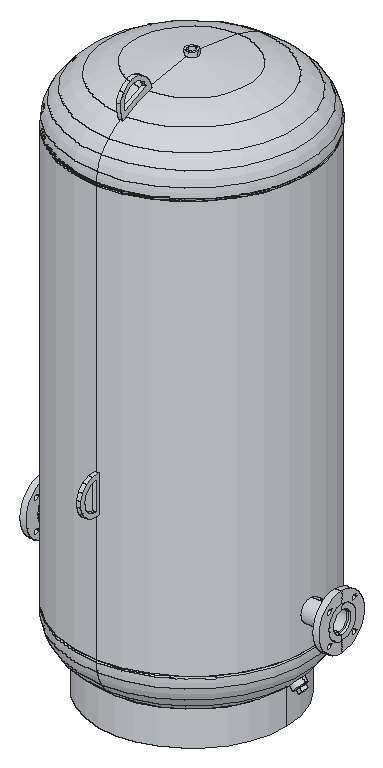
Revit family "CBT-200-2.5", category Generic Models, Revit 2014
Parameters (values of type "CBT-200-2.5")
  URL = "http://westank.com/"
  Tank Volume = 200.00 gal
  Part Number = 555300200
  Model = "CBT-200-2.5"
  Maximum Shipping Weight = 555 lbf
  Flange Connector Diameter = 2 1/2"
  Description = "Wessels ASME Chilled Water Buffer Tanks (CBT) are designed for chilled water systems with insufficient water volume capacity in relation to the chiller capacity."
  D = 14 1/4"
  C = 24"
  B = 72"
  A = 30"
Reference planes (in)
  plane 1 "Center (Front/Back)": y = 0
  plane 2: z = 0
  plane 3 "Center (Left/Right)": x = 0
  plane 4: through (12.55282, -180, 5.24135) normal (0.8192, 0, -0.5736)
  plane 5: x = -15
  plane 6: x = 15
  plane 7: z = 0
  plane 8: z = 72
  plane 9: y = 15
  plane 10: y = -15
  plane 11: x = -12
  plane 12: x = 12
  plane 13: z = 14.25
Forms (in)
  Revolve 1, solid
    sketch origin (0, -0.02461, 0) x (0, 1, 0) y (0, 0, 1)
      loop
        line (-14.97539, 9.87397) -> (-14.812, 9.87397)
        arc (-14.812, 9.87397) -> (-14.83596, 9.78454) -> (-14.90143, 9.71907) r 0.17887
        arc (-14.90143, 9.71907) -> (-14.94991, 9.64836) -> (-14.97579, 9.56662) r 0.29232
        arc (-14.97579, 9.56662) -> (-14.96586, 8.98455) -> (-14.89468, 8.40676) r 5.51955
        arc (-14.89468, 8.40676) -> (-14.65184, 7.56116) -> (-14.23912, 6.78419) r 4.22443
        arc (-14.23912, 6.78419) -> (-13.71208, 6.0842) -> (-13.11424, 5.44361) r 8.30764
        arc (-13.11424, 5.44361) -> (-11.99363, 4.5369) -> (-10.73315, 3.83755) r 8.30764
        arc (-10.73315, 3.83755) -> (-9.02248, 3.06195) -> (-7.23223, 2.49367) r 15.88746
        arc (-7.23223, 2.49367) -> (-3.63165, 1.79117) -> (0.02461, 1.49214) r 33.04234
        line (0.02461, 1.49214) -> (0.02461, 1.66407)
        arc (0.02461, 1.66407) -> (-3.61037, 1.96174) -> (-7.19, 2.66027) r 32.87047
        arc (-7.19, 2.66027) -> (-8.96351, 3.22342) -> (-10.65802, 3.99223) r 15.71558
        arc (-10.65802, 3.99223) -> (-11.8952, 4.67783) -> (-12.99495, 5.56734) r 8.13577
        arc (-12.99495, 5.56734) -> (-13.58042, 6.19468) -> (-14.09655, 6.88019) r 8.13577
        arc (-14.09655, 6.88019) -> (-14.49248, 7.62554) -> (-14.72544, 8.43674) r 4.05256
        arc (-14.72544, 8.43674) -> (-14.79395, 8.9901) -> (-14.80447, 9.54759) r 5.34767
        arc (-14.80447, 9.54759) -> (-14.7971, 9.56945) -> (-14.78569, 9.5895) r 0.12044
        arc (-14.78569, 9.5895) -> (-14.67439, 9.72277) -> (-14.64064, 9.89308) r 0.35074
        line (-14.64064, 9.89308) -> (-14.84715, 9.89308) -> (-14.84715, 63.61189) -> (-14.64151, 63.61189)
        arc (-14.64151, 63.61189) -> (-14.67184, 63.78882) -> (-14.78573, 63.92758) r 0.35074
        arc (-14.78573, 63.92758) -> (-14.79712, 63.94763) -> (-14.80449, 63.96948) r 0.12045
        arc (-14.80449, 63.96948) -> (-14.79397, 64.52697) -> (-14.72546, 65.08033) r 5.34768
        arc (-14.72546, 65.08033) -> (-14.4925, 65.89153) -> (-14.09657, 66.63689) r 4.05257
        arc (-14.09657, 66.63689) -> (-13.58043, 67.3224) -> (-12.99497, 67.94973) r 8.13578
        arc (-12.99497, 67.94973) -> (-11.89524, 68.83924) -> (-10.65807, 69.52483) r 8.13578
        arc (-10.65807, 69.52483) -> (-8.96355, 70.29364) -> (-7.19005, 70.85678) r 15.71558
        arc (-7.19005, 70.85678) -> (-3.61055, 71.55529) -> (0.02429, 71.85297) r 32.87045
        line (0.02429, 71.85297) -> (0.02429, 72.02671)
        arc (0.02429, 72.02671) -> (-3.63245, 71.72766) -> (-7.2335, 71.02507) r 33.04334
        arc (-7.2335, 71.02507) -> (-9.02402, 70.45667) -> (-10.73493, 69.68092) r 15.88853
        arc (-10.73493, 69.68092) -> (-11.99625, 68.98117) -> (-13.11754, 68.07383) r 8.30893
        arc (-13.11754, 68.07383) -> (-13.7162, 67.43239) -> (-14.24389, 66.7314) r 8.30923
        arc (-14.24389, 66.7314) -> (-14.65697, 65.95395) -> (-14.90005, 65.1078) r 4.22701
        arc (-14.90005, 65.1078) -> (-14.97148, 64.52727) -> (-14.98111, 63.94244) r 5.52257
        arc (-14.98111, 63.94244) -> (-14.95423, 63.85606) -> (-14.90267, 63.78173) r 0.29803
        arc (-14.90267, 63.78173) -> (-14.837, 63.7147) -> (-14.81302, 63.62397) r 0.18362
        line (-14.81302, 63.62397) -> (-14.97539, 63.62397) -> (-14.97539, 9.87397)
      axis (0.02461, 1.49214) -> (0.02461, 72.02671)
    angle from 0 to 360
  Revolve 2, solid
    sketch origin (0, 0, -0.00013) x (-1, 0, 0) y (0, 0, 1)
      loop
        line (17.875, 12.8128) -> (17.875, 12.46883) -> (18.125, 12.46883) -> (18.125, 10.75084) -> (18.9375, 10.75084) -> (18.9375, 12.18553) -> (19, 12.18553) -> (19, 12.8128) -> (17.875, 12.8128)
      axis (19, 14.25013) -> (17.875, 14.25013)
    angle from 0 to 360
  Revolve 3, solid
    sketch origin (-1.82085, 0, 2.88409) x (0.981353, 0, -0.192215) y (0.192215, 0, 0.981353)
      loop
        line (14.71753, 6.11956) -> (14.66586, 6.1556) -> (14.25436, 5.56561) -> (14.86992, 5.13627) -> (15.24588, 5.6753) -> (15.19462, 5.71106) -> (15.31904, 5.88945) -> (14.80641, 6.24699) -> (14.71753, 6.11956)
      axis (14.25436, 5.56561) -> (14.86992, 5.13627)
    angle from 0 to 360
  Extrusion 4, solid
    sketch origin (13.38203, -180, 6.13049) x (0.718765, 0, 0.695254) y (0, -1, 0)
      loop
        line (-0.16036, -179.52645) -> (-0.95521, -179.68698) -> (-0.79485, -180.48095) -> (0, -180.32042) -> (-0.16036, -179.52645)
    from 1.02698 to 1.52678
  Extrusion 5, solid
    sketch origin (0, -2.93535, 4.97257) x (0, 1, 0) y (0, 0, 1)
      loop
        line (-11.93439, 21.33067) -> (-11.93439, 26.202)
        arc (-11.93439, 26.202) -> (-12.47846, 26.15164) -> (-13.01533, 26.05008) r 5.77422
        arc (-13.01533, 26.05008) -> (-13.49297, 25.89754) -> (-13.94252, 25.67548) r 3.35288
        arc (-13.94252, 25.67548) -> (-14.34081, 25.36666) -> (-14.64962, 24.96837) r 2.0073
        arc (-14.64962, 24.96837) -> (-14.80343, 24.58932) -> (-14.88788, 24.18906) r 2.30742
        arc (-14.88788, 24.18906) -> (-14.91277, 23.77188) -> (-14.88788, 23.3547) r 3.50846
        arc (-14.88788, 23.3547) -> (-14.79412, 22.92876) -> (-14.61961, 22.52904) r 2.24053
        arc (-14.61961, 22.52904) -> (-14.27401, 22.08806) -> (-13.80999, 21.77406) r 1.8078
        arc (-13.80999, 21.77406) -> (-13.34321, 21.55591) -> (-12.84107, 21.44044) r 2.44481
        arc (-12.84107, 21.44044) -> (-12.39043, 21.36326) -> (-11.93439, 21.33067) r 4.65484
      loop
        arc (-12.44611, 25.63929) -> (-12.67227, 25.60073) -> (-12.89654, 25.55235) r 5.2625
        arc (-12.89654, 25.55235) -> (-13.30128, 25.42308) -> (-13.68221, 25.23491) r 2.84116
        arc (-13.68221, 25.23491) -> (-13.97364, 25.01013) -> (-14.20134, 24.72098) r 1.49558
        arc (-14.20134, 24.72098) -> (-14.3163, 24.43235) -> (-14.37979, 24.12821) r 1.7957
        arc (-14.37979, 24.12821) -> (-14.40106, 23.77188) -> (-14.37979, 23.41555) r 2.99674
        arc (-14.37979, 23.41555) -> (-14.30745, 23.08689) -> (-14.17279, 22.77846) r 1.72881
        arc (-14.17279, 22.77846) -> (-13.91552, 22.45353) -> (-13.56884, 22.22643) r 1.29608
        arc (-13.56884, 22.22643) -> (-13.1779, 22.0402) -> (-12.75531, 21.94566) r 1.9331
        arc (-12.75531, 21.94566) -> (-12.60126, 21.91347) -> (-12.44611, 21.88716) r 4.14312
        line (-12.44611, 21.88716) -> (-12.44611, 25.63929)
    from -0.24366 to 0.25634
  Extrusion 6, solid
    sketch origin (0, -26.96034, 51.14612) x (0, 0.366501, -0.930418) y (0, 0.930418, 0.366501)
      loop
        arc (-11.9298, 25.67102) -> (-12.15596, 25.63246) -> (-12.38023, 25.58408) r 5.2625
        arc (-12.38023, 25.58408) -> (-12.78497, 25.45482) -> (-13.16591, 25.26664) r 2.84116
        arc (-13.16591, 25.26664) -> (-13.45733, 25.04186) -> (-13.68503, 24.75271) r 1.49558
        arc (-13.68503, 24.75271) -> (-13.8, 24.46408) -> (-13.86349, 24.15994) r 1.7957
        arc (-13.86349, 24.15994) -> (-13.88475, 23.80361) -> (-13.86349, 23.44728) r 2.99674
        arc (-13.86349, 23.44728) -> (-13.79114, 23.11862) -> (-13.65649, 22.81019) r 1.72881
        arc (-13.65649, 22.81019) -> (-13.39922, 22.48527) -> (-13.05253, 22.25816) r 1.29608
        arc (-13.05253, 22.25816) -> (-12.66159, 22.07193) -> (-12.239, 21.97739) r 1.9331
        arc (-12.239, 21.97739) -> (-12.08496, 21.94521) -> (-11.9298, 21.91889) r 4.14312
        line (-11.9298, 21.91889) -> (-11.9298, 25.67102)
      loop
        line (-10.9298, 21.34797) -> (-10.9298, 26.14148)
        arc (-10.9298, 26.14148) -> (-11.99706, 26.18465) -> (-13.02719, 25.90227) r 3.48194
        arc (-13.02719, 25.90227) -> (-13.54727, 25.6041) -> (-13.99851, 25.20943) r 3.03185
        arc (-13.99851, 25.20943) -> (-14.28248, 24.55653) -> (-14.39992, 23.8543) r 2.91879
        arc (-14.39992, 23.8543) -> (-14.3348, 23.1787) -> (-14.08611, 22.54717) r 2.44012
        arc (-14.08611, 22.54717) -> (-13.716, 22.08641) -> (-13.21844, 21.76749) r 1.83162
        arc (-13.21844, 21.76749) -> (-12.09799, 21.42749) -> (-10.9298, 21.34797) r 5.1769
    from -0.24366 to 0.25634
  Extrusion 7, solid
    sketch origin (0, 0, 0) x (1, 0, 0) y (0, 1, 0)
      loop
        circle (0, 0) r 0.75
      loop
        circle (0, 0) r 0.5
    from 71.36613 to 72.49354
  Extrusion 8, void
    sketch origin (0, 0.13917, 0.41738) x (0, 1, 0) y (0, 0, -1)
      loop
        circle (1.8034, -15.77799) r 0.37532
      loop
        circle (1.8034, -11.89562) r 0.37532
      loop
        circle (-2.08174, -15.77799) r 0.37532
      loop
        circle (-2.08174, -11.89562) r 0.37532
    from 15.80097 to 20.25
  Extrusion 9, void
    sketch origin (0, 0, 0) x (1, 0, 0) y (0, 1, 0)
      loop
        circle (0, 0) r 0.5
    from 70.90268 to 73.75579
  Revolve 10, solid
    sketch origin (0, 0, 0) x (1, 0, 0) y (0, 0, 1)
      loop
        line (11.87609, 4.44941) -> (11.87609, 0) -> (12, 0) -> (12, 4.44941) -> (11.87609, 4.44941)
      axis (0, 4.44941) -> (0, 0)
    angle from 0 to 360
  Revolve 11, solid
    sketch origin (0, 0, -0.00013) x (1, 0, 0) y (0, 0, 1)
      loop
        line (-13.64801, 13.0156) -> (-18.625, 13.0156) -> (-18.625, 12.81248) -> (-13.64801, 12.81248) -> (-13.64801, 13.0156)
      axis (-18.625, 14.25013) -> (-13.64801, 14.25013)
    angle from 0 to 360
  Extrusion 12, void
    sketch origin (0, 0, 0.25) x (0, 1, 0) y (0, 0, 1)
      loop
        circle (0, 14) r 1.23453
    from -18.86806 to 18.76515
  Revolve 13, solid
    sketch origin (0, 0, -0.00013) x (1, 0, 0) y (0, 0, 1)
      loop
        line (17.875, 12.80958) -> (17.875, 12.46883) -> (18.125, 12.46883) -> (18.125, 10.75084) -> (18.9375, 10.75084) -> (18.9375, 12.18553) -> (19, 12.18553) -> (19, 12.80958) -> (17.875, 12.80958)
      axis (19, 14.25013) -> (17.875, 14.25013)
    angle from 0 to 360
  Extrusion 14, void
    sketch origin (0, 0.13917, 0.41738) x (0, 1, 0) y (0, 0, 1)
      loop
        circle (1.8034, 15.77799) r 0.37532
      loop
        circle (1.8034, 11.89562) r 0.37532
      loop
        circle (-2.08174, 15.77799) r 0.37532
      loop
        circle (-2.08174, 11.89562) r 0.37532
    from 15.80097 to 19.5
  Revolve 15, solid
    sketch origin (0, 0, -0.00013) x (-1, 0, 0) y (0, 0, 1)
      loop
        line (-13.64801, 13.0156) -> (-18.625, 13.0156) -> (-18.625, 12.81248) -> (-13.64801, 12.81248) -> (-13.64801, 13.0156)
      axis (-18.625, 14.25013) -> (-13.64801, 14.25013)
    angle from 0 to 360
Cuts and joins
  joined: Extrusion 4, Extrusion 5, Extrusion 6, Extrusion 7
  Extrusion 8, Extrusion 14 cuts Revolve 2
  Extrusion 14 cuts Revolve 13
  Extrusion 9, Extrusion 12 cuts Revolve 1
Dimensions and locks (in)
  equal spacing: plane 6, plane 3 "Center (Left/Right)", plane 5
  "A": plane 6 to plane 5
  "B": plane 8 to level
  equal spacing: plane 9, plane 1 "Center (Front/Back)", plane 10
  "A": plane 9 to plane 10
  equal spacing: plane 12, plane 3 "Center (Left/Right)", plane 11
  "C": plane 12 to plane 11
  "D": plane 13 to level
  aligned and locked: plane 2 to level
  aligned and locked: Revolve 10 sketch curve to plane 3 "Center (Left/Right)"
Automatic sketch dimensions
  Revolve 1 sketch curve to Revolve 1 sketch curve = 0"  (x39)
  Revolve 1 sketch curve to plane 10 = 0"
  Revolve 1 sketch curve to plane 1 "Center (Front/Back)" = 0"  (x2)
  Revolve 1 sketch curve to Revolve 1 sketch curve = 0.01547"
  plane 10 to Revolve 1 sketch curve = 0.01547"
  Revolve 1 sketch curve to Revolve 1 sketch curve = 0.00578"
  Revolve 1 sketch curve to plane 10 = 0.12824"
  Revolve 1 sketch curve to Revolve 1 sketch curve = 0.03413"
  Revolve 1 sketch curve to Revolve 1 sketch curve = 9/256"
  Revolve 1 sketch curve to plane 10 = 0.28821"
  Revolve 1 sketch curve to plane 10 = 0.28822"
  Revolve 1 sketch curve to Revolve 1 sketch curve = 0.00078"
  Revolve 1 sketch curve to Revolve 1 sketch curve = 0.17151"
  Revolve 1 sketch curve to Revolve 1 sketch curve = 0.17135"
  Revolve 1 sketch curve to Revolve 1 sketch curve = 3.94929"
  Revolve 1 sketch curve to Revolve 1 sketch curve = 0.00287"
  Revolve 1 sketch curve to Revolve 1 sketch curve = 3.95216"
  Revolve 1 sketch curve to Revolve 1 sketch curve = 1.2728"
  Revolve 1 sketch curve to Revolve 1 sketch curve = 0.00246"
  Revolve 1 sketch curve to Revolve 1 sketch curve = 1.27526"
  Revolve 1 sketch curve to Revolve 1 sketch curve = 2.11145"
  Revolve 1 sketch curve to Revolve 1 sketch curve = 0.00084"
  Revolve 1 sketch curve to Revolve 1 sketch curve = 0.00187"
  Revolve 1 sketch curve to Revolve 1 sketch curve = 2.11171"
  plane 1 "Center (Front/Back)" to Revolve 1 sketch curve = 3.35442"
  Revolve 1 sketch curve to Revolve 1 sketch curve = 0.00082"
  plane 1 "Center (Front/Back)" to Revolve 1 sketch curve = 3.35353"
  plane 1 "Center (Front/Back)" to Revolve 1 sketch curve = 0.00031"
  Revolve 1 sketch curve to plane 1 "Center (Front/Back)" = 0.86039"
  Revolve 1 sketch curve to Revolve 1 sketch curve = 0.00067"
  Revolve 1 sketch curve to plane 1 "Center (Front/Back)" = 0.86116"
  level to Revolve 1 sketch curve = 1.49214"
  Revolve 1 sketch curve to Revolve 1 sketch curve = 0.17193"
  Revolve 1 sketch curve to Revolve 1 sketch curve = 0.22592"
  Revolve 1 sketch curve to Revolve 1 sketch curve = 0.37656"
  Revolve 1 sketch curve to Revolve 1 sketch curve = 0.35376"
  Revolve 1 sketch curve to Revolve 1 sketch curve = 0.01911"  (x2)
  Revolve 1 sketch curve to Revolve 1 sketch curve = 16.62909"
  Revolve 1 sketch curve to Revolve 1 sketch curve = 4.47055"
  Revolve 1 sketch curve to Revolve 1 sketch curve = 0.00077"
  Revolve 1 sketch curve to plane 8 = 16.37712"
  Revolve 1 sketch curve to Revolve 1 sketch curve = 0.00068"
  Revolve 1 sketch curve to Revolve 1 sketch curve = 6.46799"
  Revolve 1 sketch curve to Revolve 1 sketch curve = 0.00123"
  Revolve 1 sketch curve to Revolve 1 sketch curve = 0.00005"
  Revolve 1 sketch curve to Revolve 1 sketch curve = 1.52034"
  Revolve 1 sketch curve to Revolve 1 sketch curve = 0.01209"
  Revolve 1 sketch curve to Revolve 1 sketch curve = 0.3749"
  Revolve 1 sketch curve to Revolve 1 sketch curve = 0.01007"
  Revolve 1 sketch curve to Revolve 1 sketch curve = 2.05124"
  Revolve 1 sketch curve to Revolve 1 sketch curve = 0.00348"
  Revolve 1 sketch curve to Revolve 1 sketch curve = 0.2261"
  Revolve 1 sketch curve to Revolve 1 sketch curve = 0.0033"
  Revolve 1 sketch curve to plane 8 = 0.14703"
  plane 8 to Revolve 1 sketch curve = 0.02671"
  plane 10 to Revolve 1 sketch curve = 0.0004"
  plane 10 to Revolve 1 sketch curve = 0.00572"
  Revolve 1 sketch curve to plane 10 = 0.07272"
  Revolve 1 sketch curve to plane 10 = 0.07396"
  Revolve 1 sketch curve to Revolve 1 sketch curve = 0.11808"
  Revolve 1 sketch curve to Revolve 1 sketch curve = 0.11729"
  Revolve 1 sketch curve to Revolve 1 sketch curve = 0.01876"
  Revolve 1 sketch curve to Revolve 1 sketch curve = 0.01878"
  Revolve 1 sketch curve to Revolve 1 sketch curve = 0.14732"
  Revolve 1 sketch curve to Revolve 1 sketch curve = 0.97903"
  Revolve 1 sketch curve to Revolve 1 sketch curve = 0.98231"
  Revolve 1 sketch curve to Revolve 1 sketch curve = 0.12257"
  Revolve 1 sketch curve to Revolve 1 sketch curve = 0.1193"
  Revolve 1 sketch curve to plane 8 = 2.31908"
  Revolve 1 sketch curve to Revolve 1 sketch curve = 2.26179"
  Revolve 1 sketch curve to Revolve 1 sketch curve = 0.07686"
  Revolve 1 sketch curve to Revolve 1 sketch curve = 0.07513"
  Revolve 1 sketch curve to Revolve 1 sketch curve = 5.63017"
  Revolve 1 sketch curve to Revolve 1 sketch curve = 1.88017"
  Extrusion 5 sketch curve to Extrusion 5 sketch curve = 0"  (x33)
  plane 10 to Extrusion 5 sketch curve = 0.97644"
  Extrusion 5 sketch curve to Extrusion 5 sketch curve = 0.11966"
  Extrusion 5 sketch curve to Extrusion 5 sketch curve = 0.25819"
  Extrusion 5 sketch curve to Extrusion 5 sketch curve = 17/256"
  Extrusion 5 sketch curve to Extrusion 5 sketch curve = 0.04958"
  plane 10 to Extrusion 5 sketch curve = 0.38146"
  plane 10 to Extrusion 5 sketch curve = 0.17231"
  Extrusion 5 sketch curve to plane 10 = 0.13026"
  Extrusion 5 sketch curve to plane 10 = 0.23364"
  Extrusion 5 sketch curve to plane 10 = 0.38981"
  Extrusion 5 sketch curve to plane 10 = 0.66033"
  Extrusion 5 sketch curve to Extrusion 5 sketch curve = 0.89706"
  Extrusion 5 sketch curve to Extrusion 5 sketch curve = 0.55648"
  Extrusion 5 sketch curve to Extrusion 5 sketch curve = 0.90165"
  Extrusion 5 sketch curve to Extrusion 5 sketch curve = 0.62139"
  Extrusion 5 sketch curve to Extrusion 5 sketch curve = 27/128"
  Extrusion 5 sketch curve to Extrusion 5 sketch curve = 0.15076"
  Extrusion 5 sketch curve to Extrusion 5 sketch curve = 0.24641"
  Extrusion 5 sketch curve to Extrusion 5 sketch curve = 0.04716"
  Extrusion 5 sketch curve to Extrusion 5 sketch curve = 0.0326"
  Extrusion 5 sketch curve to Extrusion 5 sketch curve = 1.7246"
  Extrusion 5 sketch curve to Extrusion 5 sketch curve = 0.34507"
  Extrusion 5 sketch curve to Extrusion 5 sketch curve = 0.21764"
  Extrusion 5 sketch curve to Extrusion 5 sketch curve = 1.12273"
  Extrusion 5 sketch curve to Extrusion 5 sketch curve = 0.78568"
  Extrusion 5 sketch curve to Extrusion 5 sketch curve = 0.24115"
  Extrusion 5 sketch curve to Extrusion 5 sketch curve = 0.2603"
  Extrusion 5 sketch curve to Extrusion 5 sketch curve = 0.60395"
  Extrusion 5 sketch curve to Extrusion 5 sketch curve = 0.51913"
  Extrusion 5 sketch curve to Extrusion 5 sketch curve = 0.44682"
  Extrusion 5 sketch curve to Extrusion 5 sketch curve = 0.44829"
  Extrusion 7 sketch curve to Extrusion 7 sketch curve = 0"  (x2)
  plane 1 "Center (Front/Back)" to Extrusion 7 sketch curve = 0"
  Extrusion 7 sketch curve to plane 3 "Center (Left/Right)" = 0"
  plane 1 "Center (Front/Back)" to Extrusion 8 sketch curve = 1.94257"  (x2)
  Extrusion 8 sketch curve to plane 1 "Center (Front/Back)" = 1.94257"  (x2)
  Extrusion 9 sketch curve to Extrusion 9 sketch curve = 0"  (x2)
  plane 1 "Center (Front/Back)" to Extrusion 9 sketch curve = 0"
  Extrusion 9 sketch curve to plane 3 "Center (Left/Right)" = 0"
  Extrusion 9 sketch curve to plane 3 "Center (Left/Right)" = 1/2"
  Revolve 10 sketch curve to level = 0"
  Revolve 10 sketch curve to plane 6 = 3.12391"
  Revolve 10 sketch curve to Revolve 10 sketch curve = 0.12391"
  level to Revolve 10 sketch curve = 4.44941"
  level to Revolve 10 sketch curve = 4.69941"
  Revolve 10 sketch curve to Revolve 10 sketch curve = 1"
  Revolve 11 sketch curve to plane 5 = 3 5/8"
  plane 5 to Revolve 11 sketch curve = 1.35199"
  Revolve 11 sketch curve to Revolve 11 sketch curve = 13/64"
  plane 5 to Revolve 11 sketch curve = 0.51485"
  Revolve 11 sketch curve to Revolve 11 sketch curve = 0.36015"
  plane 1 "Center (Front/Back)" to Extrusion 14 sketch curve = 1.94257"  (x2)
  Extrusion 14 sketch curve to plane 1 "Center (Front/Back)" = 1.94257"  (x2)
  Revolve 15 sketch curve to plane 6 = 3 5/8"
  plane 6 to Revolve 15 sketch curve = 1.35199"
  Revolve 15 sketch curve to Revolve 15 sketch curve = 13/64"
  plane 6 to Revolve 15 sketch curve = 0.51485"
  Revolve 15 sketch curve to Revolve 15 sketch curve = 0.36015"
  plane 4 to Revolve 3 sketch curve = 0.35169"
  Revolve 3 sketch curve to plane 6 = 1.7625"
  Revolve 3 sketch curve to Revolve 3 sketch curve = 0.4115"
  Revolve 3 sketch curve to Revolve 3 sketch curve = 0.05167"
  Revolve 3 sketch curve to Revolve 3 sketch curve = 0.08888"
  Revolve 3 sketch curve to Revolve 3 sketch curve = 0.61556"
  Revolve 3 sketch curve to Revolve 3 sketch curve = 0.47709"
  Revolve 3 sketch curve to Revolve 3 sketch curve = 0.05126"
  Revolve 3 sketch curve to Revolve 3 sketch curve = 0.42934"
  Revolve 3 sketch curve to Revolve 3 sketch curve = 0.12768"
  Revolve 3 sketch curve to Revolve 3 sketch curve = 0"  (x2)
  Revolve 3 sketch curve to Revolve 3 sketch curve = 0.08905"
  plane 1 "Center (Front/Back)" to Extrusion 4 sketch curve = 0.31302"
  Extrusion 4 sketch curve to plane 1 "Center (Front/Back)" = 0.48095"
  Extrusion 4 sketch curve to Extrusion 4 sketch curve = 0.16036"  (x2)
  plane 1 "Center (Front/Back)" to Extrusion 4 sketch curve = 0.47355"
  Extrusion 4 sketch curve to Extrusion 4 sketch curve = 0.79485"
  Extrusion 4 sketch curve to plane 1 "Center (Front/Back)" = 0.32042"
  plane 6 to Revolve 13 sketch curve = 2 7/8"
  Revolve 13 sketch curve to Revolve 13 sketch curve = 1/4"
  Revolve 13 sketch curve to Revolve 13 sketch curve = 13/16"
  Revolve 13 sketch curve to Revolve 13 sketch curve = 1/16"
  Revolve 13 sketch curve to Revolve 13 sketch curve = 0.34075"
  Revolve 13 sketch curve to Revolve 13 sketch curve = 0.62405"
  Revolve 13 sketch curve to Revolve 13 sketch curve = 1.43469"
  Revolve 13 sketch curve to plane 6 = 0.66921"
  Revolve 13 sketch curve to Revolve 13 sketch curve = 0.68278"
  plane 5 to Revolve 2 sketch curve = 2 7/8"
  Revolve 2 sketch curve to Revolve 2 sketch curve = 1/4"
  Revolve 2 sketch curve to Revolve 2 sketch curve = 13/16"
  Revolve 2 sketch curve to Revolve 2 sketch curve = 1/16"
  Revolve 2 sketch curve to Revolve 2 sketch curve = 0.34397"
  Revolve 2 sketch curve to Revolve 2 sketch curve = 0.62726"
  Revolve 2 sketch curve to Revolve 2 sketch curve = 1.43469"
  Revolve 2 sketch curve to plane 5 = 0.66921"
  Revolve 2 sketch curve to Revolve 2 sketch curve = 0.68278"
  Extrusion 12 sketch curve to plane 1 "Center (Front/Back)" = 0"
  Extrusion 12 sketch curve to Extrusion 12 sketch curve = 1.23453"
  level to Revolve 1 sketch curve = 9.14366"
  Revolve 1 sketch curve to Revolve 1 sketch curve = 2 7/128"
  Revolve 1 sketch curve to Revolve 1 sketch curve = 6.46992"
  Revolve 2 sketch curve to level = 10.75071"
  Revolve 2 sketch curve to Revolve 2 sketch curve = 1.43733"
  level to Extrusion 5 sketch curve = 25.40619"
  level to Extrusion 8 sketch curve = 16.19537"
  Extrusion 8 sketch curve to Extrusion 8 sketch curve = 0"
  Extrusion 8 sketch curve to Extrusion 8 sketch curve = 3.88237"  (x2)
  level to Revolve 11 sketch curve = 12.81234"
  Revolve 11 sketch curve to Revolve 11 sketch curve = 1.23453"
  Extrusion 12 sketch curve to Extrusion 12 sketch curve = 0"
  level to Extrusion 12 sketch curve = 14 1/4"
  level to Revolve 13 sketch curve = 10.75071"
  Revolve 13 sketch curve to Revolve 13 sketch curve = 1.44055"
  level to Extrusion 14 sketch curve = 12.313"
  Extrusion 14 sketch curve to Extrusion 14 sketch curve = 0"
  Extrusion 14 sketch curve to Extrusion 14 sketch curve = 3.88237"  (x2)
  Revolve 15 sketch curve to level = 12.81234"
  Revolve 15 sketch curve to Revolve 15 sketch curve = 1.23453"
  Extrusion 6 sketch curve to plane 8 = 0.60911"
  Extrusion 6 sketch curve to plane 10 = 5.26009"
  Extrusion 6 sketch curve to Extrusion 6 sketch curve = 0.03301"
  Extrusion 6 sketch curve to Extrusion 6 sketch curve = 0.08665"
  Extrusion 6 sketch curve to Extrusion 6 sketch curve = 0.34483"
  Extrusion 6 sketch curve to Extrusion 6 sketch curve = 17/256"
  Extrusion 6 sketch curve to Extrusion 6 sketch curve = 0.04958"
  Extrusion 6 sketch curve to Extrusion 6 sketch curve = 0.06885"
  Extrusion 6 sketch curve to Extrusion 6 sketch curve = 0.15073"
  Extrusion 6 sketch curve to Extrusion 6 sketch curve = 0.36028"
  Extrusion 6 sketch curve to Extrusion 6 sketch curve = 0.06601"
  Extrusion 6 sketch curve to Extrusion 6 sketch curve = 0.11815"
  Extrusion 6 sketch curve to Extrusion 6 sketch curve = 0.47821"
  Extrusion 6 sketch curve to Extrusion 6 sketch curve = 0.6151"
  Extrusion 6 sketch curve to Extrusion 6 sketch curve = 0.15011"
  Extrusion 6 sketch curve to Extrusion 6 sketch curve = 0.77126"
  Extrusion 6 sketch curve to Extrusion 6 sketch curve = 0.3849"
  Extrusion 6 sketch curve to Extrusion 6 sketch curve = 0.59588"
  Extrusion 6 sketch curve to Extrusion 6 sketch curve = 0.3061"
  Extrusion 6 sketch curve to Extrusion 6 sketch curve = 0.31529"
  Extrusion 6 sketch curve to Extrusion 6 sketch curve = 0.0954"
  Extrusion 6 sketch curve to Extrusion 6 sketch curve = 0.80625"
  Extrusion 6 sketch curve to Extrusion 6 sketch curve = 0.57092"
  Extrusion 6 sketch curve to Extrusion 6 sketch curve = 0.88262"
  Extrusion 6 sketch curve to Extrusion 6 sketch curve = 0.00686"
  Extrusion 6 sketch curve to Extrusion 6 sketch curve = 0.20406"
  Extrusion 6 sketch curve to Extrusion 6 sketch curve = 0.59172"
  Extrusion 6 sketch curve to Extrusion 6 sketch curve = 0.09548"
  Extrusion 6 sketch curve to Extrusion 6 sketch curve = 0.07607"
  Extrusion 6 sketch curve to Extrusion 6 sketch curve = 0.15093"
  Extrusion 6 sketch curve to Extrusion 6 sketch curve = 0.04716"
  Extrusion 6 sketch curve to Extrusion 6 sketch curve = 0.0326"
  Extrusion 6 sketch curve to Extrusion 6 sketch curve = 1.7246"
  Extrusion 6 sketch curve to Extrusion 6 sketch curve = 0.34507"
  Extrusion 6 sketch curve to Extrusion 6 sketch curve = 0.12538"
  Extrusion 6 sketch curve to Extrusion 6 sketch curve = 0.37807"
  Extrusion 6 sketch curve to Extrusion 6 sketch curve = 0"  (x6)
  Extrusion 6 sketch curve to Extrusion 6 sketch curve = 0.1659"
  Extrusion 6 sketch curve to Extrusion 6 sketch curve = 0.13872"
  Extrusion 6 sketch curve to Extrusion 6 sketch curve = 0.42962"
  Extrusion 6 sketch curve to Extrusion 6 sketch curve = 0.51913"
  Extrusion 6 sketch curve to Extrusion 6 sketch curve = 0.31348"
  radius of Extrusion 7 sketch curve = 3/4"
  radius of Extrusion 7 sketch curve = 1/2"
  radius of Extrusion 8 sketch curve = 0.37532"  (x4)
  radius of Extrusion 14 sketch curve = 0.37532"  (x4)
Connectors (in)
  piping at (-19, 0, 14.25), diameter 2.5, driven by "Flange Connector Diameter"
    settings: on Revolve 2, index 1, connector inside diameter 24", connector length 0", flow factor 0, pipe flow 0 GPM, pressure drop 0.00 psi, fitting loss kfactor 0, connector angle 0.00°, fixture units 0, engagement length 0", angle of deflection 0.00°, flow configuration 0, flow direction 0, fitting loss method 0, system type 7, joint type 0, gender type 0, connector reference index 2, connector utility 0, adjustable connector no, is connector primary yes, connector description ""
  piping at (19, 0, 14.25), diameter 2.5, driven by "Flange Connector Diameter"
    settings: on Revolve 13, index 2, connector inside diameter 24", connector length 0", flow factor 0, pipe flow 0 GPM, pressure drop 0.00 psi, fitting loss kfactor 0, connector angle 0.00°, fixture units 0, engagement length 0", angle of deflection 0.00°, flow configuration 0, flow direction 0, fitting loss method 0, system type 7, joint type 0, gender type 0, connector reference index 1, connector utility 0, adjustable connector no, is connector primary no, connector description ""
